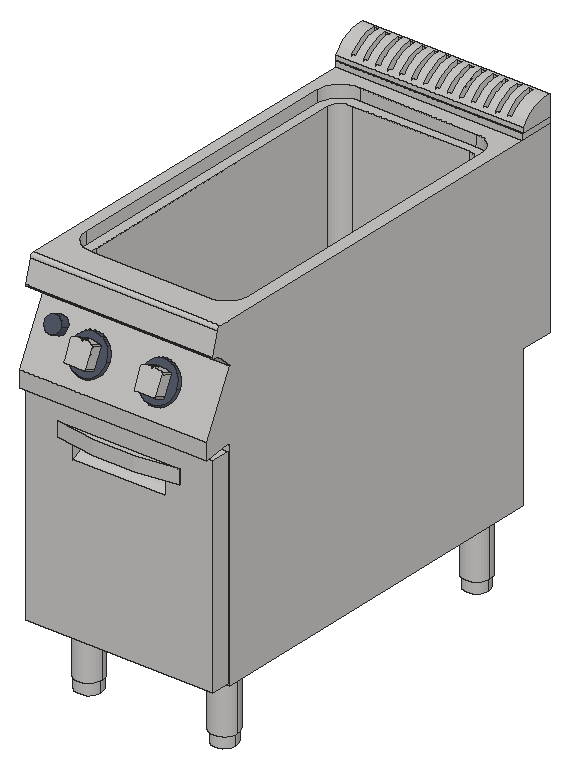
Revit family "QF_ZANUSSI_392111_Z9PCGD1MF0", category Specialty Equipment, Revit 2018
Family settings
  Round Connector Dimension = Use Diameter
  Part Type = Normal
  Work Plane-Based = No
  Always vertical = Yes
  Cut with Voids When Loaded = No
  Shared = No
  Room Calculation Point = No
Parameters
  Width = 400 mm  # constant formula
  Weight in Pounds = 62  # constant formula
  Weight = 0.00 kg
  Watts = 0 W
  Waste Water Discharge Temperature [instance] = -459.67 °F
  Volts = 0 V
  URL Manufacturer = "http://www.zanussiprofessional.com"
  URL Cutsheet = "www.electrolux.com/foodservice"
  URL = "http://www.zanussiprofessional.com"
  Type Mark [instance] = ""
  Steam Supply Size = 0"
  Steam Supply Minimum Pressure = 0.00 psi
  Steam Supply Maximum Pressure = 0.00 psi
  Steam Pounds per Hour = 0
  Status [instance] = ""
  Specification by User [instance] = ""
  Specification by Manufacturer = ""
  Show Logo [instance] = yes
  Show Clearance [instance] = yes
  Serial Number = ""
  Seismic Rating = ""
  SMACNA No = ""
  Revision Code [instance] = ""
  Refrigeration Suction Line Size = 0"
  Refrigeration Liquid Line Size = 0"
  Refrigerant Compressor Remote = yes
  Plumbing Remarks [instance] = ""
  Plumbing Connection Type [instance] = ""
  Phase = 0
  Omniclass Number and Title = ""
  NAFEM Spec ID Number = ""
  Model = "Z9PCGD1MF0"
  Mechanical Remarks [instance] = ""
  Mechanical Connection Type [instance] = ""
  Masterspec = ""
  Manufacturer = "Zanussi"
  Length Actual = 400 mm  # constant formula
  Item Number [instance] = "392111"
  Installed By [instance] = ""
  Indirect Waste Size = 1"
  Indirect Waste Flow [instance] = 0 GPM
  Indirect Waste Connection Type [instance] = ""
  Indirect Waste Connection Height = 0 mm
  Identify Quantity as Lot [instance] = yes
  Hot Water Size = 0"
  Height Actual = 850 mm  # constant formula
  Height = 850 mm  # constant formula
  HP = "0 HP"
  Gas Size = 1/2"
  Gas RI Height [instance] = 0 mm
  Gas KW = 16.5  # constant formula
  Gas Input = 56248.5 Btu/h  # constant formula
  Gas Connection Height = 0 mm
  Furnished By [instance] = ""
  Foodservice Equipment Identifier [instance] = yes
  Direct Waste Size = 1"
  Description = "GAS PASTA COOKER 1X40 LT WELL"
  Depth Actual = 900 mm  # constant formula
  Depth = 915 mm  # constant formula
  Cycle = 0 Hz
  Condensate Return Size = 0"
  Compressed Air Volume = 0 GPM
  Compressed Air Size = 0"
  Compressed Air Pressure = 0.00 psi
  Cold Water Temperature Recommended [instance] = -459.67 °F
  Cold Water Size = 3/4"
  Cold Water RI Height [instance] = 0 mm
  Cold Water Minimum Pressure = 0.00 psi
  Cold Water Maximum Pressure = 0.00 psi
  Cold Water Flow [instance] = 0 GPM
  Cold Water Consumption = ""
  Cold Water Connection Height = 0 mm
  CSI MasterFormat = ""
  CSI Master Format = ""
  Base Height [instance] = 150 mm  # constant formula
  Accessory = yes
Reference planes
  plane 1 "BACK": y = 0
  plane 2: z = 0
  plane 3 "LEFT": x = 0
  plane 4 "RIGHT": x = 400
  plane 5 "FRONT": y = -915
  plane 6 "TOP": z = 908
  plane 7 "Center Y": x = 200
  plane 8 "Center X": y = -457.5
  plane 9 "BASE": z = 600
  plane 10 "TOP A": z = 850
  plane 11: z = 150
  plane 12: y = -126
  plane 13: y = -800
  plane 14: x = 345
  plane 15: x = 55
  plane 16: y = -1273
  plane 17: x = 65
  plane 18: x = 232
  plane 19: x = 334.782
  plane 20: y = -900
Forms (mm)
  Extrusion 1, solid, material "QF_Finishes_Stainless Steel"
    sketch origin (0, 0, 0) x (0, 1, 0) y (0, 0, 1)
      loop
        line (0, 450.038) -> (0, 850) -> (-879.358, 850)
        arc (-879.358, 850) -> (-884.643, 847.811) -> (-886.833, 842.526) r 7.474
        line (-886.833, 842.526) -> (-899.884, 797.011)
        arc (-899.884, 797.011) -> (-899.396, 794.379) -> (-897, 793.184) r 3
        line (-897, 793.184) -> (-886.802, 793.184) -> (-854.982, 761.364) -> (-915, 640.508) -> (-915, 605.508) -> (-858.645, 613.428)
        arc (-858.645, 613.428) -> (-856.101, 612.674) -> (-855, 610.259) r 3.2
        line (-855, 610.259) -> (-855, 150) -> (-71.437, 150) -> (-71.437, 450.038) -> (0, 450.038)
      loop
        line (-900, 600) -> (-900, 155) -> (-860, 155) -> (-860, 600) -> (-900, 600)
    from 0 to 400
  Extrusion 2, void
    sketch origin (0, 0, 850) x (-1, 0, 0) y (0, -1, 0)
      loop
        arc (-75, 101.89) -> (-39.645, 116.535) -> (-25, 151.89) r 50
        line (-25, 151.89) -> (-25, 770)
        arc (-25, 770) -> (-39.645, 805.355) -> (-75, 820) r 50
        line (-75, 820) -> (-325, 820)
        arc (-325, 820) -> (-360.355, 805.355) -> (-375, 770) r 50
        line (-375, 770) -> (-375, 151.89)
        arc (-375, 151.89) -> (-360.355, 116.535) -> (-325, 101.89) r 50
        line (-325, 101.89) -> (-75, 101.89)
    from 0 to -25
  Extrusion 3, solid, material "QF_Clearances", visible <- "Show Clearance", detail levels coarse
    sketch origin (0, 0, 0) x (1, 0, 0) y (0, 1, 0)
      loop
        line (0, -915) -> (0, 0) -> (400, 0) -> (400, -915) -> (550.019, -915) -> (550.019, 150.019) -> (-150.019, 150.019) -> (-150.019, -915) -> (0, -915)
    from 0 to 908
  Revolve 4, solid, material "QF_Finishes_Stainless Steel"
    sketch origin (0, -126, 608.09) x (0, 0, 1) y (-1, 0, 0)
      loop
        line (-608.09, -55) -> (-458.09, -55) -> (-458.09, -26) -> (-583.09, -26) -> (-583.09, -28.75) -> (-608.09, -28.75) -> (-608.09, -55)
      axis (-608.09, -55) -> (-458.09, -55)
    angle from 0 to 360
  Revolve 5, solid, material "QF_Finishes_Stainless Steel"
    sketch origin (400.05, -126, 608.09) x (0, 0, 1) y (-1, 0, 0)
      loop
        line (-608.09, 55.05) -> (-608.09, 29.8) -> (-583.09, 29.8) -> (-583.09, 26.05) -> (-458.09, 26.05) -> (-458.09, 55.05) -> (-608.09, 55.05)
      axis (-608.09, 55.05) -> (-458.09, 55.05)
    angle from 0 to 360
  Revolve 6, solid, material "QF_Finishes_Stainless Steel"
    sketch origin (400.05, -800, 608.09) x (0, 0, 1) y (-1, 0, 0)
      loop
        line (-608.09, 55.05) -> (-608.09, 29.8) -> (-583.09, 29.8) -> (-583.09, 26.05) -> (-458.09, 26.05) -> (-458.09, 55.05) -> (-608.09, 55.05)
      axis (-608.09, 55.05) -> (-458.09, 55.05)
    angle from 0 to 360
  Extrusion 7, solid, material "QF_Finishes_Stainless Steel"
    sketch origin (200, 0, 0) x (0, 1, 0) y (0, 0, 1)
      loop
        line (-71.89, 862.9) -> (-71.89, 850) -> (0, 850) -> (0, 862.9) -> (-71.89, 862.9)
    from -200 to 200
  Revolve 8, solid, material "QF_Finishes_Stainless Steel"
    sketch origin (0, -800, 608.09) x (0, 0, 1) y (1, 0, 0)
      loop
        line (-608.09, 55) -> (-608.09, 28.75) -> (-583.09, 28.75) -> (-583.09, 26) -> (-458.09, 26) -> (-458.09, 55) -> (-608.09, 55)
      axis (-608.09, 55) -> (-458.09, 55)
    angle from 0 to 360
  Extrusion 9, solid, material "QF_Finishes_Stainless Steel"
    sketch origin (0, 0, 574.263) x (0, 1, 0) y (0, 0, 1)
      loop
        line (0, 288.637) -> (0, 333.737)
        arc (0, 333.737) -> (-39.584, 325.765) -> (-69.85, 299.037) r 77.853
        line (-69.85, 299.037) -> (-69.85, 288.637) -> (0, 288.637)
    from 0 to 400
  Extrusion 10, void
    sketch origin (0, 0, 848.9) x (0, -1, 0) y (1, 0, 0)
      loop
        line (6.761, 28.703) -> (63.911, 28.703) -> (63.911, 37.999) -> (6.761, 37.999) -> (6.761, 28.703)
      loop
        line (63.911, 63.487) -> (6.761, 63.487) -> (6.761, 54.191) -> (63.911, 54.191) -> (63.911, 63.487)
      loop
        line (63.911, 89.975) -> (6.761, 89.975) -> (6.761, 80.68) -> (63.911, 80.68) -> (63.911, 89.975)
      loop
        line (63.911, 115.464) -> (6.761, 115.464) -> (6.761, 106.168) -> (63.911, 106.168) -> (63.911, 115.464)
      loop
        line (63.911, 140.952) -> (6.761, 140.952) -> (6.761, 131.656) -> (63.911, 131.656) -> (63.911, 140.952)
      loop
        line (63.911, 166.44) -> (6.761, 166.44) -> (6.761, 157.145) -> (63.911, 157.145) -> (63.911, 166.44)
      loop
        line (63.911, 191.929) -> (6.761, 191.929) -> (6.761, 182.633) -> (63.911, 182.633) -> (63.911, 191.929)
      loop
        line (63.911, 217.417) -> (6.761, 217.417) -> (6.761, 208.121) -> (63.911, 208.121) -> (63.911, 217.417)
      loop
        line (63.911, 242.905) -> (6.761, 242.905) -> (6.761, 233.61) -> (63.911, 233.61) -> (63.911, 242.905)
      loop
        line (63.911, 268.394) -> (6.761, 268.394) -> (6.761, 259.098) -> (63.911, 259.098) -> (63.911, 268.394)
      loop
        line (63.911, 293.882) -> (6.761, 293.882) -> (6.761, 284.586) -> (63.911, 284.586) -> (63.911, 293.882)
      loop
        line (63.911, 319.37) -> (6.761, 319.37) -> (6.761, 310.075) -> (63.911, 310.075) -> (63.911, 319.37)
      loop
        line (63.911, 345.859) -> (6.761, 345.859) -> (6.761, 336.563) -> (63.911, 336.563) -> (63.911, 345.859)
      loop
        line (63.911, 370.347) -> (6.761, 370.347) -> (6.761, 361.051) -> (63.911, 361.051) -> (63.911, 370.347)
    from 25.4 to 63.5
  Extrusion 11, void
    sketch origin (0, 0, 791) x (0, 1, 0) y (-1, 0, 0)
      loop
        arc (-121.89, -75) -> (-130.677, -53.787) -> (-151.89, -45) r 30
        line (-151.89, -45) -> (-606.643, -45)
        arc (-606.643, -45) -> (-627.856, -53.787) -> (-636.643, -75) r 30
        line (-636.643, -75) -> (-636.643, -325)
        arc (-636.643, -325) -> (-627.856, -346.213) -> (-606.643, -355) r 30
        line (-606.643, -355) -> (-151.89, -355)
        arc (-151.89, -355) -> (-130.677, -346.213) -> (-121.89, -325) r 30
        line (-121.89, -325) -> (-121.89, -75)
    from 35 to -339.237
  Extrusion 12, void
    sketch origin (0, -1273.285, 791) x (0, 1, 0) y (-1, 0, 0)
      loop
        line (473.285, -75) -> (473.285, -325)
        arc (473.285, -325) -> (482.072, -346.213) -> (503.285, -355) r 30
        line (503.285, -355) -> (666.643, -355)
        arc (666.643, -355) -> (645.429, -346.213) -> (636.643, -325) r 30
        line (636.643, -325) -> (636.643, -75)
        arc (636.643, -75) -> (645.429, -53.787) -> (666.643, -45) r 30
        line (666.643, -45) -> (503.285, -45)
        arc (503.285, -45) -> (482.072, -53.787) -> (473.285, -75) r 30
    from 35 to -189.237
  Extrusion 13, solid, material "QF_Finishes_Stainless Steel"
    sketch origin (0, 0, 0) x (1, 0, 0) y (0, 1, 0)
      loop
        circle (232, -780) r 12.7
    from 176 to 292.788
  Extrusion 14, solid, material "QF_Finishes_Stainless Steel"
    sketch origin (-72.372, 89.372, 0) x (1, 0, 0) y (0, 1, 0)
      loop
        circle (137.372, -792.372) r 6.35
    from 190 to 292.788
  Extrusion 15, solid, material "QF_Finishes_Stainless Steel"
    sketch origin (152.628, 92.372, 0) x (1, 0, 0) y (0, 1, 0)
      loop
        circle (182.372, -792.372) r 9.525
    from 200 to 331.575
  Extrusion 16, solid, material "QF_Plastic-Black-Matte"
    sketch origin (67.5, -884.991, 700.055) x (0, 0.439631, 0.898178) y (0, 0.898178, -0.439631)
      loop
        line (26.984, -34) -> (23.984, -34) -> (23.984, -35) -> (26.984, -35)
        arc (26.984, -35) -> (27.691, -34.707) -> (27.984, -34) r 1
        line (27.984, -34) -> (27.984, -19) -> (26.984, -19) -> (26.984, -34)
    from -58.5 to -56.5
  Extrusion 17, solid, material "QF_Finishes_Stainless Steel"
    sketch origin (125, -884.991, 700.055) x (-1, 0, 0) y (0, -0.439631, -0.898178)
      loop
        line (17.5, -17.5) -> (17.5, 17.5) -> (-17.5, 17.5) -> (-17.5, -17.5) -> (17.5, -17.5)
    from 5 to 10
  Extrusion 18, solid, material "QF_Finishes_Stainless Steel"
    sketch origin (125, -884.991, 700.055) x (-1, 0, 0) y (0, -0.439631, -0.898178)
      loop
        arc (-21.147, -22.789) -> (0, -26.984) -> (21.147, -22.789) r 55.4
        arc (21.147, -22.789) -> (22.494, -21.685) -> (23, -20.019) r 2.997
        line (23, -20.019) -> (23, 20.019)
        arc (23, 20.019) -> (22.122, 22.138) -> (20.003, 23.016) r 2.997
        line (20.003, 23.016) -> (-20.003, 23.016)
        arc (-20.003, 23.016) -> (-22.122, 22.138) -> (-23, 20.019) r 2.997
        line (-23, 20.019) -> (-23, -20.019)
        arc (-23, -20.019) -> (-22.494, -21.685) -> (-21.147, -22.789) r 2.997
    from 10 to 34
  Blend 19, solid, material "QF_Finishes_Navy Blue"
    base sketch origin (125, -884.991, 700.055) x (1, 0, 0) y (0, 0.439631, 0.898178)
      loop
        circle (0, 0) r 42.5
    top sketch origin (125, -884.991, 700.055) x (1, 0, 0) y (0, 0.439631, 0.898178)
      loop
        circle (0, 0) r 40.5
    from 0 to 5
  Extrusion 20, solid, material "QF_Finishes_Navy Blue"
    sketch origin (107.51, -872.359, 725.862) x (1, 0, 0) y (0, 0.439631, 0.898178)
      loop
        circle (-55.001, 0) r 18
    from 3 to 23
  Extrusion 21, solid, material "QF_Finishes_Stainless Steel"
    sketch origin (-31.491, -872.359, 725.862) x (1, 0, 0) y (0, 0.439631, 0.898178)
      loop
        circle (84, 0) r 15
    from 3 to 0
  Extrusion 22, solid, material "QF_Plastic-Black-Matte"
    sketch origin (217.5, -884.991, 700.055) x (0, 0.439631, 0.898178) y (0, 0.898178, -0.439631)
      loop
        line (26.984, -34) -> (23.984, -34) -> (23.984, -35) -> (26.984, -35)
        arc (26.984, -35) -> (27.691, -34.707) -> (27.984, -34) r 1
        line (27.984, -34) -> (27.984, -19) -> (26.984, -19) -> (26.984, -34)
    from -58.5 to -56.5
  Extrusion 23, solid, material "QF_Finishes_Stainless Steel"
    sketch origin (275, -884.991, 700.055) x (-1, 0, 0) y (0, -0.439631, -0.898178)
      loop
        line (17.5, -17.5) -> (17.5, 17.5) -> (-17.5, 17.5) -> (-17.5, -17.5) -> (17.5, -17.5)
    from 5 to 10
  Extrusion 24, solid, material "QF_Finishes_Stainless Steel"
    sketch origin (275, -884.991, 700.055) x (-1, 0, 0) y (0, -0.439631, -0.898178)
      loop
        arc (-21.147, -22.789) -> (0, -26.984) -> (21.147, -22.789) r 55.4
        arc (21.147, -22.789) -> (22.494, -21.685) -> (23, -20.019) r 2.997
        line (23, -20.019) -> (23, 20.019)
        arc (23, 20.019) -> (22.122, 22.138) -> (20.003, 23.016) r 2.997
        line (20.003, 23.016) -> (-20.003, 23.016)
        arc (-20.003, 23.016) -> (-22.122, 22.138) -> (-23, 20.019) r 2.997
        line (-23, 20.019) -> (-23, -20.019)
        arc (-23, -20.019) -> (-22.494, -21.685) -> (-21.147, -22.789) r 2.997
    from 10 to 34
  Blend 25, solid, material "QF_Finishes_Navy Blue"
    base sketch origin (275, -884.991, 700.055) x (1, 0, 0) y (0, 0.439631, 0.898178)
      loop
        circle (0, 0) r 42.5
    top sketch origin (275, -884.991, 700.055) x (1, 0, 0) y (0, 0.439631, 0.898178)
      loop
        circle (0, 0) r 40.5
    from 0 to 5
  Extrusion 26, solid, material "QF_Finishes_Door Clearance", visible <- "Show Clearance", detail levels coarse
    sketch origin (0, -200, 850) x (-1, 0, 0) y (0, -1, 0)
      loop
        arc (0, 672.137) -> (-117.157, 954.98) -> (-400, 1072.137) r 400
        line (-400, 1072.137) -> (-400, 672.137) -> (0, 672.137)
    from -695 to -250
  Extrusion 27, solid, material "QF_Finishes_Stainless Steel"
    sketch origin (-77.88, -4772, 130) x (-1, 0, 0) y (0, -1, 0)
      loop
        arc (-147.606, -3871.085) -> (-277.88, -3857) -> (-408.153, -3871.085) r 609.497
        line (-408.153, -3871.085) -> (-408.153, -3872) -> (-147.606, -3872) -> (-147.606, -3871.085)
    from 400 to 430
  Extrusion 28, void
    sketch origin (200, -227.862, -20) x (0, 1, 0) y (0, 0, 1)
      loop
        line (-672.137, 567) -> (-672.137, 517)
        arc (-672.137, 517) -> (-656.47, 524.721) -> (-650.137, 541) r 24.091
        line (-650.137, 541) -> (-650.137, 567) -> (-672.137, 567)
    from -100 to 100
Cuts and joins
  Extrusion 2, Extrusion 11, Extrusion 12, Extrusion 28 cuts Extrusion 1
  Extrusion 10 cuts Extrusion 9
Lines and regions (mm)
  Split face 1
    outline origin (125, -889.482, 702.253) x (1, 0, 0) y (0, 0.439631, 0.898178)
      loop
        circle (0, 34.714) r 1.714
  Split face 2
    outline origin (125, -889.482, 702.253) x (1, 0, 0) y (0, 0.439631, 0.898178)
      loop
        circle (-17.357, 30.063) r 2
  Split face 3
    outline origin (125, -889.482, 702.253) x (1, 0, 0) y (0, 0.439631, 0.898178)
      loop
        circle (17.357, 30.063) r 2
  Split face 4
    outline origin (125, -889.482, 702.253) x (1, 0, 0) y (0, 0.439631, 0.898178)
      loop
        line (-23.985, -28.584) -> (-20.542, -24.481)
        arc (-20.542, -24.481) -> (-27.511, -15.911) -> (-31.231, -5.511) r 32.719
        line (-31.231, -5.511) -> (-37.141, -6.549)
        arc (-37.141, -6.549) -> (-32.568, -18.764) -> (-23.985, -28.584) r 36.411
  Split face 5
    outline origin (125, -889.482, 702.253) x (1, 0, 0) y (0, 0.439631, 0.898178)
      loop
        arc (20.441, -26.163) -> (0.211, -32.559) -> (-19.689, -25.201) r 32.719
        line (-19.689, -25.201) -> (-22.952, -29.377)
        arc (-22.952, -29.377) -> (-0.277, -36.495) -> (21.959, -28.107) r 36.411
        line (21.959, -28.107) -> (20.441, -26.163)
  Split face 6
    outline origin (125, -889.482, 702.253) x (1, 0, 0) y (0, 0.439631, 0.898178)
      loop
        line (21.361, -25.457) -> (22.903, -27.295)
        arc (22.903, -27.295) -> (31.935, -14.958) -> (35.104, 0) r 36.411
        line (35.104, 0) -> (33.714, 0)
        arc (33.714, 0) -> (30.431, -14.133) -> (21.361, -25.457) r 32.719
  Split face 7
    outline origin (125, -889.482, 702.253) x (1, 0, 0) y (0, 0.439631, 0.898178)
      loop
        arc (-37.695, 1.149) -> (-34.899, -3.19) -> (-31.619, 0.795) r 3.195
        line (-31.619, 0.795) -> (-32.379, 3.751)
        arc (-32.379, 3.751) -> (-34.462, 5.448) -> (-36.693, 3.952) r 2.258
        line (-36.693, 3.952) -> (-37.695, 1.149)
  Split face 8
    outline origin (275, -889.482, 702.253) x (1, 0, 0) y (0, 0.439631, 0.898178)
      loop
        arc (-0.521, 36.501) -> (-26.491, 26.394) -> (-37.708, 0.884) r 36.411
        line (-37.708, 0.884) -> (-31.708, 0.884)
        arc (-31.708, 0.884) -> (-21.998, 23.844) -> (-0.521, 36.501) r 39.733
  symbolic lines, style "QF_Clearances", visible <- "Show Clearance", detail levels coarse
    curve 1: line (-150.019, 150.019, 850) -> (-150.019, -915, 850)
    curve 2: line (550.019, 150.019, 850) -> (-150.019, 150.019, 850)
    curve 3: line (550.019, -915, 850) -> (550.019, 150.019, 850)
  symbolic lines
    curve 4: line (0, -915, 850) -> (0, 0, 850)
    curve 5: line (400, 0, 850) -> (400, -915, 850)
    curve 7: line (0, -71.89, 850) -> (400, -71.89, 850)
    curve 8: line (0, 0, 850) -> (400, 0, 850)
    curve 9: line (28.703, -6.761, 850) -> (37.999, -6.761, 850)
    curve 10: line (28.703, -63.911, 850) -> (28.703, -6.761, 850)
    curve 11: line (37.999, -63.911, 850) -> (28.703, -63.911, 850)
    curve 12: line (37.999, -6.761, 850) -> (37.999, -63.911, 850)
    curve 13: line (54.191, -6.761, 850) -> (63.487, -6.761, 850)
    curve 14: line (54.191, -63.911, 850) -> (54.191, -6.761, 850)
    curve 15: line (63.487, -63.911, 850) -> (54.191, -63.911, 850)
    curve 16: line (63.487, -6.761, 850) -> (63.487, -63.911, 850)
    curve 17: line (80.68, -6.761, 850) -> (89.975, -6.761, 850)
    curve 18: line (80.68, -63.911, 850) -> (80.68, -6.761, 850)
    curve 19: line (89.975, -63.911, 850) -> (80.68, -63.911, 850)
    curve 20: line (89.975, -6.761, 850) -> (89.975, -63.911, 850)
    curve 21: line (106.168, -6.761, 850) -> (115.464, -6.761, 850)
    curve 22: line (106.168, -63.911, 850) -> (106.168, -6.761, 850)
    curve 23: line (115.464, -63.911, 850) -> (106.168, -63.911, 850)
    curve 24: line (115.464, -6.761, 850) -> (115.464, -63.911, 850)
    curve 25: line (131.656, -6.761, 850) -> (140.952, -6.761, 850)
    curve 26: line (131.656, -63.911, 850) -> (131.656, -6.761, 850)
    curve 27: line (140.952, -63.911, 850) -> (131.656, -63.911, 850)
    curve 28: line (140.952, -6.761, 850) -> (140.952, -63.911, 850)
    curve 29: line (157.145, -6.761, 850) -> (166.44, -6.761, 850)
    curve 30: line (157.145, -63.911, 850) -> (157.145, -6.761, 850)
    curve 31: line (166.44, -63.911, 850) -> (157.145, -63.911, 850)
    curve 32: line (166.44, -6.761, 850) -> (166.44, -63.911, 850)
    curve 33: line (182.633, -6.761, 850) -> (191.929, -6.761, 850)
    curve 34: line (182.633, -63.911, 850) -> (182.633, -6.761, 850)
    curve 35: line (191.929, -63.911, 850) -> (182.633, -63.911, 850)
    curve 36: line (191.929, -6.761, 850) -> (191.929, -63.911, 850)
    curve 37: line (208.121, -6.761, 850) -> (218.417, -6.761, 850)
    curve 38: line (208.121, -63.911, 850) -> (208.121, -6.761, 850)
    curve 39: line (218.417, -63.911, 850) -> (208.121, -63.911, 850)
    curve 40: line (218.417, -6.761, 850) -> (218.417, -63.911, 850)
    curve 41: line (234.61, -6.761, 850) -> (243.905, -6.761, 850)
    curve 42: line (234.61, -63.911, 850) -> (234.61, -6.761, 850)
    curve 43: line (243.905, -63.911, 850) -> (234.61, -63.911, 850)
    curve 44: line (243.905, -6.761, 850) -> (243.905, -63.911, 850)
    curve 45: line (260.098, -6.761, 850) -> (269.394, -6.761, 850)
    curve 46: line (260.098, -63.911, 850) -> (260.098, -6.761, 850)
    curve 47: line (269.394, -63.911, 850) -> (260.098, -63.911, 850)
    curve 48: line (269.394, -6.761, 850) -> (269.394, -63.911, 850)
    curve 49: line (285.586, -6.761, 850) -> (294.882, -6.761, 850)
    curve 50: line (285.586, -63.911, 850) -> (285.586, -6.761, 850)
    curve 51: line (294.882, -63.911, 850) -> (285.586, -63.911, 850)
    curve 52: line (294.882, -6.761, 850) -> (294.882, -63.911, 850)
    curve 53: line (311.075, -6.761, 850) -> (320.37, -6.761, 850)
    curve 54: line (311.075, -63.911, 850) -> (311.075, -6.761, 850)
    curve 55: line (320.37, -63.911, 850) -> (311.075, -63.911, 850)
    curve 56: line (320.37, -6.761, 850) -> (320.37, -63.911, 850)
    curve 57: line (336.563, -6.761, 850) -> (345.859, -6.761, 850)
    curve 58: line (336.563, -63.911, 850) -> (336.563, -6.761, 850)
    curve 59: line (345.859, -63.911, 850) -> (336.563, -63.911, 850)
    curve 60: line (345.859, -6.761, 850) -> (345.859, -63.911, 850)
    curve 61: line (361.051, -6.761, 850) -> (370.347, -6.761, 850)
    curve 62: line (361.051, -63.911, 850) -> (361.051, -6.761, 850)
    curve 63: line (370.347, -63.911, 850) -> (361.051, -63.911, 850)
    curve 64: line (370.347, -6.761, 850) -> (370.347, -63.911, 850)
    curve 65: line (25, -770, 850) -> (25, -151.89, 850)
    curve 66: arc (25, -151.89, 850) -> (39.645, -116.535, 850) -> (75, -101.89, 850) r 50
    curve 67: line (75, -101.89, 850) -> (325, -101.89, 850)
    curve 68: arc (325, -101.89, 850) -> (360.355, -116.535, 850) -> (375, -151.89, 850) r 50
    curve 69: line (375, -151.89, 850) -> (375, -770, 850)
    curve 70: arc (375, -770, 850) -> (360.355, -805.355, 850) -> (325, -820, 850) r 50
    curve 71: line (325, -820, 850) -> (75, -820, 850)
    curve 72: arc (75, -820, 850) -> (39.645, -805.355, 850) -> (25, -770, 850) r 50
    curve 73: line (75, -121.89, 850) -> (325, -121.89, 850)
    curve 74: arc (325, -121.89, 850) -> (346.213, -130.677, 850) -> (355, -151.89, 850) r 30
    curve 75: line (355, -151.89, 850) -> (355, -770, 850)
    curve 76: arc (355, -770, 850) -> (346.213, -791.213, 850) -> (325, -800, 850) r 30
    curve 77: line (325, -800, 850) -> (75, -800, 850)
    curve 78: arc (75, -800, 850) -> (53.787, -791.213, 850) -> (45, -770, 850) r 30
    curve 79: line (45, -770, 850) -> (45, -151.89, 850)
    curve 80: arc (45, -151.89, 850) -> (53.787, -130.677, 850) -> (75, -121.89, 850) r 30
    curve 81: line (75, -636.643, 850) -> (325, -636.643, 850)
    curve 82: arc (45, -606.643, 850) -> (53.787, -627.856, 850) -> (75, -636.643, 850) r 30
    curve 83: arc (325, -636.643, 850) -> (346.213, -627.856, 850) -> (355, -606.643, 850) r 30
    curve 84: line (0, -899.968, 0) -> (400.05, -899.968, 0)
    curve 85: line (102, -899.968, 0) -> (102, -924.314, 0)
    curve 86: arc (102, -924.314, 0) -> (102.146, -924.778, 0) -> (102.532, -925.074, 0) r 0.809
    curve 87: arc (102.532, -925.074, 0) -> (103.72, -925.555, 0) -> (104.997, -925.648, 0) r 4.127
    curve 88: arc (102, -904.26, 0) -> (96.959, -902.426, 0) -> (92.191, -899.968, 0) r 42.24
    curve 89: arc (102, -906.507, 0) -> (102.502, -905.785, 0) -> (103.299, -905.416, 0) r 1.682
    curve 90: arc (103.299, -905.416, 0) -> (113.602, -903.918, 0) -> (124, -903.409, 0) r 109.079
    curve 91: line (124, -899.968, 0) -> (124, -905.639, 0)
    curve 92: line (124, -905.639, 0) -> (126, -905.639, 0)
    curve 93: line (126, -905.639, 0) -> (126, -899.968, 0)
    curve 94: line (148, -899.968, 0) -> (148, -924.314, 0)
    curve 95: arc (148, -924.314, 0) -> (147.854, -924.778, 0) -> (147.468, -925.074, 0) r 0.809
    curve 96: arc (147.468, -925.074, 0) -> (146.28, -925.555, 0) -> (145.003, -925.648, 0) r 4.127
    curve 97: arc (148, -904.26, 0) -> (153.041, -902.426, 0) -> (157.809, -899.968, 0) r 42.24
    curve 98: arc (148, -906.507, 0) -> (147.498, -905.785, 0) -> (146.701, -905.416, 0) r 1.682
    curve 99: arc (146.701, -905.416, 0) -> (136.398, -903.918, 0) -> (126, -903.409, 0) r 109.079
    curve 100: line (104.997, -925.648, 0) -> (145.003, -925.648, 0)
    curve 101: line (298, -899.968, 0) -> (298, -924.314, 0)
    curve 102: arc (298, -924.314, 0) -> (297.854, -924.778, 0) -> (297.468, -925.074, 0) r 0.809
    curve 103: arc (297.468, -925.074, 0) -> (296.28, -925.555, 0) -> (295.003, -925.648, 0) r 4.127
    curve 104: arc (298, -904.26, 0) -> (303.041, -902.426, 0) -> (307.809, -899.968, 0) r 42.24
    curve 105: arc (298, -906.507, 0) -> (297.498, -905.785, 0) -> (296.701, -905.416, 0) r 1.682
    curve 106: arc (296.701, -905.416, 0) -> (286.398, -903.918, 0) -> (276, -903.409, 0) r 109.079
    curve 107: line (276, -899.968, 0) -> (276, -905.639, 0)
    curve 108: line (276, -905.639, 0) -> (274, -905.639, 0)
    curve 109: line (274, -905.639, 0) -> (274, -899.968, 0)
    curve 110: line (252, -899.968, 0) -> (252, -924.314, 0)
    curve 111: arc (252, -924.314, 0) -> (252.146, -924.778, 0) -> (252.532, -925.074, 0) r 0.809
    curve 112: arc (252.532, -925.074, 0) -> (253.72, -925.555, 0) -> (254.997, -925.648, 0) r 4.127
    curve 113: arc (252, -904.26, 0) -> (246.959, -902.426, 0) -> (242.191, -899.968, 0) r 42.24
    curve 114: arc (252, -906.507, 0) -> (252.502, -905.785, 0) -> (253.299, -905.416, 0) r 1.682
    curve 115: arc (253.299, -905.416, 0) -> (263.602, -903.918, 0) -> (274, -903.409, 0) r 109.079
    curve 116: line (295.003, -925.648, 0) -> (254.997, -925.648, 0)
    curve 117: line (148, -914.968, 0) -> (252, -914.968, 0)
    curve 118: line (298, -914.968, 0) -> (400.05, -914.968, 0)
  symbolic lines, style "QF_Door-Drawer Clearances"
    curve 6: line (52.619, -1070.447, 850) -> (326.76, -915, 850)
    curve 119: arc (2.268, -914.676, 0) -> (19.39, -995.165, 0) -> (52.619, -1070.447, 0) r 400
  symbolic lines, style "SpecialityEquipment"
    curve 120: line (102, -915, 0) -> (0, -915, 0)
Dimensions and locks
  equal spacing: plane 3 "LEFT", plane 7 "Center Y", plane 4 "RIGHT"
  "Width": plane 3 "LEFT" to plane 4 "RIGHT"
  equal spacing: plane 5 "FRONT", plane 8 "Center X", plane 1 "BACK"
  "Depth": plane 5 "FRONT" to plane 1 "BACK"
  plane 1 "BACK" to plane 5 "FRONT" = 915 mm
  "Base Height": plane 11 to level
  plane 1 "BACK" to plane 12 = 126 mm
  plane 12 to plane 13 = 674 mm
  plane 4 "RIGHT" to plane 14 = 55 mm
  plane 15 to plane 3 "LEFT" = 55 mm
  plane 5 "FRONT" to plane 1 "BACK" = 915 mm
  plane 4 "RIGHT" to plane 3 "LEFT" = 400 mm
  plane 5 "FRONT" to plane 16 = 358 mm
  plane 1 "BACK" to curve 2 = 150.019 mm
  plane 4 "RIGHT" to curve 3 = 150.019 mm
  curve 1 to plane 3 "LEFT" = 150.019 mm
  "Height": plane 10 "TOP A" to level
  plane 10 "TOP A" to plane 11 = 700 mm
  plane 10 "TOP A" to plane 11 to level = 700 mm, 150 mm
  plane 6 "TOP" to level = 908 mm
  plane 14 to plane 15 = 290 mm
  plane 3 "LEFT" to Extrusion 13 sketch curve = 232 mm
  Extrusion 13 sketch curve to plane 1 "BACK" = 780 mm
  plane 3 "LEFT" to Extrusion 14 sketch curve = 65 mm
  Extrusion 14 sketch curve to plane 1 "BACK" = 703 mm
  Extrusion 14 to plane 1 "BACK" = 703 mm
  Extrusion 13 to plane 1 "BACK" = 780 mm
  plane 3 "LEFT" to plane 17 = 65 mm
  plane 3 "LEFT" to plane 18 = 232 mm
  plane 19 to plane 4 "RIGHT" = 65.218 mm
  Extrusion 15 to plane 1 "BACK" = 700 mm
  plane 1 "BACK" to Extrusion 15 = 700 mm
  plane 1 "BACK" to Extrusion 14 = 703 mm
  plane 1 "BACK" to Extrusion 13 = 780 mm
  plane 20 to plane 5 "FRONT" = 15 mm
  aligned and locked: level to plane 2
  aligned and locked: plane 4 "RIGHT" to Extrusion 1
  aligned and locked: plane 6 "TOP" to Extrusion 3
  aligned and locked: plane 13 to Revolve 6
  aligned and locked: plane 12 to Revolve 4
  aligned and locked: plane 12 to Revolve 5
  aligned and locked: plane 4 "RIGHT" to Extrusion 7
  aligned and locked: plane 13 to Revolve 8
Automatic sketch dimensions
  Extrusion 2 sketch curve to plane 4 "RIGHT" = 25 mm
  plane 19 to Extrusion 2 sketch curve = 9.782 mm  (x2)
  Extrusion 2 sketch curve to plane 17 = 10 mm  (x2)
  plane 3 "LEFT" to Extrusion 2 sketch curve = 25 mm
  Extrusion 2 sketch curve to plane 12 = 24.11 mm
  Extrusion 2 sketch curve to plane 13 = 30 mm
  plane 5 "FRONT" to Extrusion 3 sketch curve = 0 mm  (x2)
  plane 1 "BACK" to Extrusion 3 sketch curve = 0 mm
  Extrusion 3 sketch curve to plane 3 "LEFT" = 0 mm
  Extrusion 3 sketch curve to plane 4 "RIGHT" = 0 mm
  Extrusion 3 sketch curve to plane 3 "LEFT" = 150.019 mm
  plane 4 "RIGHT" to Extrusion 3 sketch curve = 150.019 mm
  Extrusion 3 sketch curve to plane 1 "BACK" = 150.019 mm
  Revolve 4 sketch curve to level = 0 mm
  Revolve 4 sketch curve to plane 11 = 0 mm  (x2)
  Revolve 4 sketch curve to plane 15 = 0 mm  (x2)
  level to Revolve 4 sketch curve = 25 mm
  plane 11 to Revolve 4 sketch curve = 20 mm
  Revolve 4 sketch curve to plane 15 = 26.25 mm
  plane 3 "LEFT" to Revolve 4 sketch curve = 26 mm
  Revolve 5 sketch curve to level = 0 mm
  Revolve 5 sketch curve to plane 11 = 0 mm  (x2)
  Revolve 5 sketch curve to plane 14 = 0 mm  (x2)
  level to Revolve 5 sketch curve = 25 mm
  plane 11 to Revolve 5 sketch curve = 20 mm
  plane 14 to Revolve 5 sketch curve = 25.25 mm
  Revolve 5 sketch curve to plane 4 "RIGHT" = 26 mm
  Revolve 6 sketch curve to level = 0 mm
  Revolve 6 sketch curve to plane 11 = 0 mm  (x2)
  Revolve 6 sketch curve to plane 14 = 0 mm  (x2)
  level to Revolve 6 sketch curve = 25 mm
  plane 11 to Revolve 6 sketch curve = 20 mm
  plane 14 to Revolve 6 sketch curve = 25.25 mm
  Revolve 6 sketch curve to plane 4 "RIGHT" = 26 mm
  Extrusion 7 sketch curve to plane 10 "TOP A" = 0 mm
  Extrusion 7 sketch curve to plane 1 "BACK" = 0 mm
  plane 10 "TOP A" to Extrusion 7 sketch curve = 12.9 mm
  Extrusion 7 sketch curve to plane 12 = 54.11 mm
  Revolve 8 sketch curve to level = 0 mm
  Revolve 8 sketch curve to plane 11 = 0 mm  (x2)
  Revolve 8 sketch curve to plane 15 = 0 mm  (x2)
  level to Revolve 8 sketch curve = 25 mm
  plane 11 to Revolve 8 sketch curve = 20 mm
  Revolve 8 sketch curve to plane 15 = 26.25 mm
  plane 3 "LEFT" to Revolve 8 sketch curve = 26 mm
  Extrusion 9 sketch curve to plane 1 "BACK" = 0 mm
  Extrusion 9 sketch curve to plane 6 "TOP" = 0 mm
  plane 1 "BACK" to Extrusion 9 sketch curve = 4.947 mm
  plane 10 "TOP A" to Extrusion 9 sketch curve = 23.3 mm
  plane 1 "BACK" to Extrusion 9 sketch curve = 69.85 mm
  plane 10 "TOP A" to Extrusion 9 sketch curve = 12.9 mm
  plane 1 "BACK" to Extrusion 10 sketch curve = 6.761 mm  (x14)
  Extrusion 10 sketch curve to plane 19 = 1.781 mm
  plane 17 to Extrusion 10 sketch curve = 1.513 mm
  Extrusion 10 sketch curve to plane 18 = 1.61 mm
  plane 18 to Extrusion 10 sketch curve = 14.583 mm
  Extrusion 10 sketch curve to Extrusion 10 sketch curve = 57.15 mm
  Extrusion 10 sketch curve to plane 7 "Center Y" = 8.071 mm
  Extrusion 10 sketch curve to Extrusion 10 sketch curve = 0 mm  (x13)
  Extrusion 10 sketch curve to plane 18 = 10.905 mm
  plane 14 to Extrusion 10 sketch curve = 0.859 mm
  Extrusion 10 sketch curve to plane 15 = 0.809 mm
  Extrusion 10 sketch curve to Extrusion 10 sketch curve = 16.193 mm  (x7)
  Extrusion 10 sketch curve to Extrusion 10 sketch curve = 9.296 mm  (x10)
  Extrusion 10 sketch curve to plane 17 = 15.68 mm
  plane 7 "Center Y" to Extrusion 10 sketch curve = 8.121 mm
  Extrusion 10 sketch curve to Extrusion 10 sketch curve = 15.193 mm
  plane 19 to Extrusion 11 sketch curve = 9.782 mm
  Extrusion 11 sketch curve to plane 13 = 163.357 mm
  Extrusion 11 sketch curve to plane 17 = 10 mm
  Extrusion 11 sketch curve to Extrusion 11 sketch curve = 30 mm
  plane 14 to Extrusion 11 sketch curve = 10 mm
  plane 12 to Extrusion 11 sketch curve = 25.89 mm  (x2)
  Extrusion 11 sketch curve to plane 12 = 4.11 mm
  plane 13 to Extrusion 12 sketch curve = 0 mm
  Extrusion 12 sketch curve to plane 17 = 10 mm  (x2)
  Extrusion 12 sketch curve to Extrusion 12 sketch curve = 30 mm  (x5)
  plane 19 to Extrusion 12 sketch curve = 9.782 mm
  Extrusion 12 sketch curve to Extrusion 12 sketch curve = 133.357 mm
  plane 14 to Extrusion 12 sketch curve = 10 mm
  Extrusion 12 sketch curve to Extrusion 12 sketch curve = 0 mm
  Extrusion 15 sketch curve to plane 19 = 0.218 mm
  Extrusion 15 sketch curve to plane 13 = 100 mm
  Extrusion 16 sketch curve to plane 5 "FRONT" = 9.117 mm
  Extrusion 16 sketch curve to plane 10 "TOP A" = 113.016 mm
  Extrusion 16 sketch curve to Extrusion 16 sketch curve = 3 mm
  Extrusion 16 sketch curve to Extrusion 16 sketch curve = 0 mm
  Extrusion 16 sketch curve to Extrusion 16 sketch curve = 1 mm  (x2)
  Extrusion 16 sketch curve to Extrusion 16 sketch curve = 15 mm
  plane 3 "LEFT" to Extrusion 17 sketch curve = 142.5 mm
  plane 3 "LEFT" to Extrusion 17 sketch curve = 107.5 mm
  Extrusion 17 sketch curve to Extrusion 17 sketch curve = 35 mm
  plane 3 "LEFT" to Extrusion 18 sketch curve = 125 mm
  plane 3 "LEFT" to Extrusion 18 sketch curve = 145.003 mm  (x2)
  Extrusion 18 sketch curve to Extrusion 18 sketch curve = 2.997 mm  (x2)
  plane 3 "LEFT" to Extrusion 18 sketch curve = 104.997 mm  (x2)
  Extrusion 18 sketch curve to Extrusion 18 sketch curve = 0 mm  (x2)
  Extrusion 18 sketch curve to Extrusion 18 sketch curve = 40.037 mm
  Extrusion 18 sketch curve to Extrusion 18 sketch curve = 5.399 mm
  plane 3 "LEFT" to Blend 19 sketch curve = 125 mm  (x2)
  Split face 4 sketch curve to Split face 4 sketch curve = 5.909 mm
  Split face 4 sketch curve to Split face 4 sketch curve = 7.246 mm
  Split face 4 sketch curve to Split face 4 sketch curve = 3.443 mm
  Split face 4 sketch curve to Split face 4 sketch curve = 29.925 mm
  Split face 4 sketch curve to Split face 4 sketch curve = 2.301 mm
  Split face 4 sketch curve to Split face 4 sketch curve = 4.103 mm
  Split face 4 sketch curve to Split face 4 sketch curve = 17.932 mm
  Split face 4 sketch curve to Split face 4 sketch curve = 1.038 mm
  Split face 5 sketch curve to Split face 5 sketch curve = 3.262 mm
  Split face 5 sketch curve to Split face 5 sketch curve = 18.383 mm
  Split face 5 sketch curve to Split face 5 sketch curve = 2.301 mm
  Split face 5 sketch curve to Split face 5 sketch curve = 19.446 mm
  Split face 5 sketch curve to Split face 5 sketch curve = 1.519 mm
  Split face 5 sketch curve to Split face 5 sketch curve = 1.27 mm
  Split face 5 sketch curve to Split face 5 sketch curve = 1.944 mm
  Split face 5 sketch curve to Split face 5 sketch curve = 4.176 mm
  Split face 6 sketch curve to Split face 6 sketch curve = 2.301 mm
  Split face 6 sketch curve to Split face 6 sketch curve = 20.366 mm
  Split face 6 sketch curve to Split face 6 sketch curve = 1.542 mm
  Split face 6 sketch curve to Split face 6 sketch curve = 12.353 mm
  Split face 6 sketch curve to Split face 6 sketch curve = 1.391 mm
  Split face 6 sketch curve to Split face 6 sketch curve = 1.838 mm
  Split face 6 sketch curve to Split face 6 sketch curve = 25.358 mm
  Split face 7 sketch curve to Split face 7 sketch curve = 1.002 mm
  Split face 7 sketch curve to Split face 7 sketch curve = 2.982 mm
  Split face 7 sketch curve to Split face 7 sketch curve = 2.127 mm
  Split face 7 sketch curve to Split face 7 sketch curve = 2.188 mm
  Split face 7 sketch curve to Split face 7 sketch curve = 0.76 mm
  Split face 7 sketch curve to Split face 7 sketch curve = 0.795 mm
  Split face 7 sketch curve to Split face 7 sketch curve = 3.192 mm
  Split face 7 sketch curve to Split face 7 sketch curve = 0.559 mm
  plane 3 "LEFT" to Extrusion 20 sketch curve = 52.509 mm
  plane 3 "LEFT" to Extrusion 21 sketch curve = 52.509 mm
  Extrusion 22 sketch curve to plane 5 "FRONT" = 9.117 mm
  Extrusion 22 sketch curve to plane 10 "TOP A" = 113.016 mm
  Extrusion 22 sketch curve to Extrusion 22 sketch curve = 3 mm
  Extrusion 22 sketch curve to Extrusion 22 sketch curve = 0 mm
  Extrusion 22 sketch curve to Extrusion 22 sketch curve = 1 mm  (x2)
  Extrusion 22 sketch curve to Extrusion 22 sketch curve = 15 mm
  plane 7 "Center Y" to Extrusion 23 sketch curve = 92.5 mm
  Extrusion 23 sketch curve to Extrusion 23 sketch curve = 35 mm  (x2)
  plane 7 "Center Y" to Extrusion 24 sketch curve = 98 mm
  Extrusion 24 sketch curve to Extrusion 24 sketch curve = 2.997 mm  (x3)
  Extrusion 24 sketch curve to Extrusion 24 sketch curve = 20.003 mm  (x2)
  Extrusion 24 sketch curve to Extrusion 24 sketch curve = 40.005 mm
  Extrusion 24 sketch curve to Extrusion 24 sketch curve = 0 mm  (x2)
  Extrusion 24 sketch curve to Extrusion 24 sketch curve = 40.037 mm
  Extrusion 24 sketch curve to Extrusion 24 sketch curve = 5.399 mm
  plane 7 "Center Y" to Blend 25 sketch curve = 75 mm  (x2)
  Split face 8 sketch curve to Split face 8 sketch curve = 6 mm
  Split face 8 sketch curve to Split face 8 sketch curve = 30.402 mm
  Split face 8 sketch curve to Split face 8 sketch curve = 9.201 mm
  Split face 8 sketch curve to Split face 8 sketch curve = 2.43 mm
  Split face 8 sketch curve to Split face 8 sketch curve = 0.785 mm
  Extrusion 26 sketch curve to plane 4 "RIGHT" = 0 mm
  Extrusion 26 sketch curve to plane 3 "LEFT" = 0 mm
  plane 20 to Extrusion 26 sketch curve = 27.863 mm
  Extrusion 27 sketch curve to plane 20 = 0 mm
  Extrusion 27 sketch curve to plane 7 "Center Y" = 0 mm
  plane 19 to Extrusion 27 sketch curve = 4.509 mm
  Extrusion 27 sketch curve to plane 17 = 4.727 mm
  plane 8 "Center X" to Extrusion 27 sketch curve = 151.997 mm
  Extrusion 27 sketch curve to plane 20 = 0.915 mm
  Extrusion 28 sketch curve to plane 20 = 0 mm
  Extrusion 28 sketch curve to plane 20 = 2.091 mm
  Extrusion 28 sketch curve to Extrusion 28 sketch curve = 22 mm
  Extrusion 28 sketch curve to plane 9 "BASE" = 103 mm
  Extrusion 28 sketch curve to Extrusion 28 sketch curve = 26 mm
  curve 66 to curve 80 = 0 mm  (x2)
  curve 68 to curve 74 = 0 mm
  curve 70 to curve 76 = 0 mm  (x2)
  curve 72 to curve 78 = 0 mm  (x2)
  plane 1 "BACK" to curve 8 = 0 mm
  curve 8 to plane 4 "RIGHT" = 0 mm
  plane 5 "FRONT" to curve 6 = 0 mm
  plane 13 to curve 77 = 0 mm
  curve 4 to plane 3 "LEFT" = 0 mm
  plane 5 "FRONT" to curve 1 = 0 mm
  plane 5 "FRONT" to curve 5 = 0 mm
  plane 5 "FRONT" to curve 4 = 0 mm
  plane 5 "FRONT" to curve 3 = 0 mm
  curve 69 to plane 4 "RIGHT" = 25 mm
  plane 1 "BACK" to curve 61 = 6.761 mm
  plane 14 to curve 61 = 25.347 mm
  curve 61 to curve 62 = 9.296 mm
  plane 14 to curve 75 = 10 mm
  plane 14 to curve 60 = 0.859 mm
  curve 59 to plane 19 = 1.781 mm
  plane 19 to curve 68 = 9.782 mm
  plane 19 to curve 70 = 9.782 mm
  plane 1 "BACK" to curve 56 = 6.761 mm
  plane 19 to curve 56 = 14.412 mm
  curve 55 to curve 54 = 9.296 mm
  plane 1 "BACK" to curve 52 = 6.761 mm
  curve 53 to curve 52 = 16.193 mm
  curve 51 to curve 50 = 9.296 mm
  plane 1 "BACK" to curve 48 = 6.761 mm
  curve 49 to curve 48 = 16.193 mm
  curve 47 to curve 46 = 9.296 mm
  curve 44 to plane 18 = 11.905 mm
  curve 43 to plane 18 = 2.61 mm
  plane 18 to curve 40 = 13.583 mm
  plane 7 "Center Y" to curve 38 = 8.121 mm
  curve 36 to plane 7 "Center Y" = 8.071 mm
  curve 35 to curve 34 = 9.296 mm
  plane 1 "BACK" to curve 32 = 6.761 mm
  curve 33 to curve 32 = 16.193 mm
  curve 31 to curve 30 = 9.296 mm
  plane 1 "BACK" to curve 28 = 6.761 mm
  curve 29 to curve 28 = 16.193 mm
  curve 27 to curve 26 = 9.296 mm
  curve 26 to curve 24 = 16.193 mm
  curve 23 to curve 22 = 9.296 mm
  curve 22 to curve 19 = 16.193 mm
  curve 17 to curve 17 = 9.296 mm
  curve 67 to plane 17 = 10 mm
  curve 77 to plane 17 = 10 mm
  curve 81 to plane 17 = 10 mm
  plane 17 to curve 16 = 1.513 mm
  curve 13 to plane 15 = 0.809 mm
  curve 14 to curve 12 = 16.193 mm
  curve 9 to curve 9 = 9.296 mm
  plane 1 "BACK" to curve 60 = 6.761 mm
  plane 1 "BACK" to curve 9 = 6.761 mm
  plane 1 "BACK" to curve 13 = 6.761 mm
  plane 1 "BACK" to curve 17 = 6.761 mm
  plane 1 "BACK" to curve 44 = 6.761 mm
  plane 1 "BACK" to curve 21 = 6.761 mm
  plane 1 "BACK" to curve 40 = 6.761 mm
  plane 1 "BACK" to curve 36 = 6.761 mm
  curve 29 to curve 31 = 57.15 mm
  curve 28 to curve 30 = 0 mm
  curve 31 to curve 34 = 0 mm
  curve 24 to curve 26 = 0 mm
  curve 35 to curve 38 = 0 mm
  curve 20 to curve 22 = 0 mm
  curve 39 to curve 42 = 0 mm
  curve 16 to curve 18 = 0 mm
  curve 43 to curve 46 = 0 mm
  curve 12 to curve 14 = 0 mm
  curve 47 to curve 50 = 0 mm
  curve 61 to curve 64 = 57.15 mm
  curve 51 to curve 54 = 0 mm
  curve 60 to curve 62 = 0 mm
  curve 67 to plane 12 = 24.11 mm
  plane 19 to curve 6 = 8.022 mm
  curve 6 to plane 15 = 2.381 mm
  curve 10 to curve 7 = 7.979 mm
  plane 5 "FRONT" to curve 6 = 155.447 mm
  Extrusion 1 sketch curve to plane 9 "BASE" = 0 mm
  Extrusion 1 sketch curve to plane 10 "TOP A" = 0 mm
  Extrusion 1 sketch curve to plane 11 = 0 mm
  plane 9 "BASE" to Extrusion 1 sketch curve = 5.508 mm
  plane 16 to Extrusion 1 sketch curve = 358 mm
  Extrusion 1 sketch curve to Extrusion 1 sketch curve = 15 mm
  plane 16 to Extrusion 1 sketch curve = 373.116 mm
  Extrusion 1 sketch curve to Extrusion 1 sketch curve = 2.884 mm
  Extrusion 1 sketch curve to plane 10 "TOP A" = 7.474 mm
  plane 16 to Extrusion 1 sketch curve = 386.167 mm
  Extrusion 1 sketch curve to Extrusion 1 sketch curve = 10.198 mm
  plane 16 to Extrusion 1 sketch curve = 413 mm
  Extrusion 1 sketch curve to Extrusion 1 sketch curve = 1.355 mm
  Extrusion 1 sketch curve to Extrusion 1 sketch curve = 0.445 mm
  Extrusion 1 sketch curve to Extrusion 1 sketch curve = 5 mm
  plane 16 to Extrusion 1 sketch curve = 418.018 mm
  plane 8 "Center X" to Extrusion 1 sketch curve = 386.063 mm
  plane 8 "Center X" to Extrusion 1 sketch curve = 457.5 mm
  plane 11 to Extrusion 1 sketch curve = 5 mm
  Extrusion 1 sketch curve to plane 9 "BASE" = 149.962 mm
  plane 9 "BASE" to Extrusion 1 sketch curve = 10.259 mm
  Extrusion 1 sketch curve to Extrusion 1 sketch curve = 35 mm
  Extrusion 1 sketch curve to Extrusion 1 sketch curve = 81.162 mm
  Extrusion 1 sketch curve to Extrusion 1 sketch curve = 49.342 mm
  Extrusion 1 sketch curve to Extrusion 1 sketch curve = 3 mm
  curve 84 to plane 3 "LEFT" = 0 mm
  curve 120 to plane 3 "LEFT" = 0 mm
  plane 5 "FRONT" to curve 120 = 0 mm
  curve 119 to plane 4 "RIGHT" = 0 mm
  plane 5 "FRONT" to curve 85 = 9.314 mm
  curve 85 to plane 17 = 37 mm
  curve 85 to curve 86 = 0.809 mm
  curve 89 to curve 89 = 1.583 mm
  curve 86 to curve 87 = 1.846 mm
  curve 86 to curve 100 = 2.189 mm
  curve 85 to curve 88 = 11.892 mm
  curve 91 to plane 20 = 5.639 mm
  curve 89 to curve 91 = 20.417 mm
  curve 90 to plane 17 = 59.131 mm
  curve 90 to curve 99 = 1.738 mm
  curve 91 to curve 92 = 2 mm
  curve 88 to curve 97 = 22.215 mm
  curve 92 to curve 100 = 19.003 mm
  curve 96 to curve 96 = 0.343 mm
  curve 96 to curve 98 = 1.071 mm
  curve 96 to curve 95 = 2.189 mm
  curve 95 to curve 94 = 0.809 mm
  plane 5 "FRONT" to curve 110 = 9.314 mm
  curve 110 to plane 18 = 20 mm
  curve 111 to curve 111 = 0.809 mm
  curve 114 to curve 114 = 1.583 mm
  curve 111 to curve 112 = 1.846 mm
  curve 111 to curve 116 = 2.189 mm
  curve 113 to plane 18 = 31.892 mm
  curve 109 to plane 20 = 5.639 mm
  curve 114 to curve 109 = 20.417 mm
  curve 115 to plane 18 = 42.131 mm
  curve 115 to curve 106 = 1.738 mm
  curve 108 to curve 108 = 2 mm
  curve 113 to curve 104 = 22.215 mm
  curve 107 to curve 116 = 19.003 mm
  curve 103 to curve 103 = 0.343 mm
  curve 103 to curve 105 = 1.071 mm
  curve 103 to curve 102 = 2.189 mm
  curve 102 to curve 101 = 0.809 mm
  curve 100 to curve 86 = 1.333 mm
  plane 5 "FRONT" to curve 116 = 10.648 mm
  curve 115 to curve 112 = 86.839 mm
  curve 90 to curve 87 = 86.839 mm
  curve 90 to curve 99 = 0 mm
  curve 115 to curve 106 = 0 mm
  curve 103 to curve 102 = 1.333 mm
  curve 96 to curve 94 = 1.333 mm
  curve 102 to curve 103 = 2.779 mm
  curve 111 to curve 112 = 2.779 mm
  curve 86 to curve 87 = 2.779 mm
  curve 95 to curve 96 = 2.779 mm
  curve 89 to plane 20 = 7.074 mm
  curve 114 to plane 20 = 7.074 mm
  curve 98 to plane 20 = 7.074 mm
  curve 105 to plane 20 = 7.074 mm
  plane 20 to curve 119 = 27.863 mm
  plane 20 to curve 104 = 36.271 mm
  plane 20 to curve 97 = 36.271 mm
  curve 113 to curve 104 = 0 mm
  curve 88 to curve 97 = 0 mm
  curve 119 to plane 5 "FRONT" = 0.324 mm
  plane 3 "LEFT" to curve 119 = 2.268 mm
  curve 119 to plane 15 = 2.381 mm
  plane 20 to curve 88 = 0.032 mm
  curve 88 to curve 85 = 9.809 mm
  curve 89 to curve 89 = 0.284 mm
  curve 98 to curve 98 = 0.284 mm
  curve 94 to curve 97 = 9.809 mm
  curve 113 to curve 110 = 9.809 mm
  curve 114 to curve 114 = 0.284 mm
  curve 105 to curve 106 = 0.284 mm
  curve 101 to curve 104 = 9.809 mm
  plane 4 "RIGHT" to curve 118 = 0.05 mm
  plane 4 "RIGHT" to curve 84 = 0.05 mm
  curve 117 to plane 5 "FRONT" = 0.032 mm
  curve 118 to plane 5 "FRONT" = 0.032 mm
  curve 114 to curve 114 = 0.567 mm
  curve 89 to curve 89 = 0.567 mm
  curve 98 to curve 98 = 0.567 mm
  curve 105 to curve 105 = 0.567 mm
  plane 19 to curve 81 = 9.782 mm
  curve 79 to plane 15 = 10 mm
  curve 82 to plane 8 "Center X" = 149.143 mm
  radius of Extrusion 13 sketch curve = 12.7 mm
  radius of Extrusion 14 sketch curve = 6.35 mm
  radius of Extrusion 15 sketch curve = 9.525 mm
  radius of Blend 19 sketch curve = 42.5 mm
  radius of Blend 19 sketch curve = 40.5 mm
  radius of Split face 1 sketch curve = 1.714 mm
  radius of Split face 2 sketch curve = 2 mm
  radius of Split face 3 sketch curve = 2 mm
  radius of Extrusion 20 sketch curve = 18 mm
  radius of Extrusion 21 sketch curve = 15 mm
  radius of Blend 25 sketch curve = 42.5 mm
  radius of Blend 25 sketch curve = 40.5 mm
Connectors
  piping at (232, -780, 176), diameter 25.4
    settings: on Extrusion 13, index 1, connector inside diameter 1", connector length 0 mm, flow factor 0, pipe flow 0 GPM, pressure drop 0.00 psi, fitting loss kfactor 0, connector angle 0.00°, fixture units 0, engagement length 0 mm, angle of deflection 0.00°, flow configuration 1, flow direction 2, fitting loss method 0, system type 16, joint type 0, gender type 0, connector reference index -1, connector utility 0, adjustable connector no, is connector primary yes, connector description "DRAIN"
  piping at (65, -703, 190), diameter 12.8
    settings: on Extrusion 14, index 2, connector inside diameter 0.50394", connector length 0 mm, flow factor 0, pipe flow 0 GPM, pressure drop 0.00 psi, fitting loss kfactor 0, connector angle 0.00°, fixture units 0, engagement length 0 mm, angle of deflection 0.00°, flow configuration 1, flow direction 1, fitting loss method 0, system type 7, joint type 0, gender type 0, connector reference index -1, connector utility 0, adjustable connector no, is connector primary no, connector description "GAS CONNECTION"
  piping at (335, -700, 200), diameter 19
    settings: on Extrusion 15, index 3, connector inside diameter 0.74803", connector length 0 mm, flow factor 0, pipe flow 0 GPM, pressure drop 0.00 psi, fitting loss kfactor 0, connector angle 0.00°, fixture units 0, engagement length 0 mm, angle of deflection 0.00°, flow configuration 1, flow direction 1, fitting loss method 0, system type 20, joint type 0, gender type 0, connector reference index -1, connector utility 0, adjustable connector no, is connector primary no, connector description "WATER INLET"
